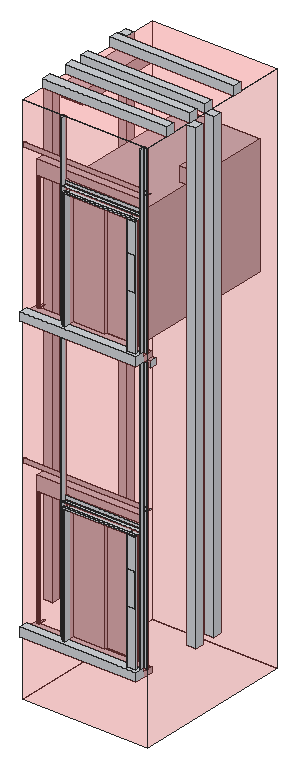
Revit family "TSF750", category 一般モデル, Revit 2018
Family settings
  鉄筋をホスト可能 = いいえ
  丸型コネクタ寸法 = 直径を使用
  パーツ タイプ = 標準
  作業面ベース = いいえ
  常に垂直 = はい
  ロード時にボイドで切り取り = いいえ
  共有 = いいえ
  部屋計算ポイント = いいえ
Parameters
  昇降行程 = 5000 mm
Reference planes
  plane 1 "レール芯": y = 0
  plane 2 "最下階FL": z = 0
  plane 3 "かご芯": x = 0
  plane 4: z = 5000
  plane 5 "ピット底面": z = -1250
  plane 6: z = 8250
  plane 7: z = 2500
Forms (mm)
  Extrusion 1, solid
    sketch origin (-115, 140, 0) x (1, 0, 0) y (0, 1, 0)
      loop
        line (-1170, 1580) -> (-1170, -1290) -> (1030, -1290) -> (1030, 1580) -> (-1170, 1580)
    from -1250 to 8250
  Extrusion 2, solid
    sketch origin (-188.849, -187.656, 5000) x (1, 0, 0) y (0, 1, 0)
      loop
        line (-491.151, 1812.656) -> (-491.151, -722.344) -> (868.849, -722.344) -> (868.849, 1812.656) -> (-491.151, 1812.656)
    from 0 to 2100
  Extrusion 3, solid
    sketch origin (0.884, -1, 0) x (1, 0, 0) y (0, 1, 0)
      loop
        line (-1050.884, 890.997) -> (-1050.884, 260.997) -> (-753.884, 260.997) -> (-753.884, 890.997) -> (-1050.884, 890.997)
    from -1250 to -272.5
  Extrusion 4, solid
    sketch origin (-180.164, -13.256, 0) x (1, 0, 0) y (0, 1, 0)
      loop
        line (1095.164, 288.256) -> (1095.164, 138.256) -> (1245.164, 138.256) -> (1245.164, 288.256) -> (1095.164, 288.256)
    from 0 to 8250
  Extrusion 5, solid
    sketch origin (-180.164, -413.256, 0) x (1, 0, 0) y (0, 1, 0)
      loop
        line (1095.164, 288.256) -> (1095.164, 138.256) -> (1245.164, 138.256) -> (1245.164, 288.256) -> (1095.164, 288.256)
    from 0 to 8250
  Extrusion 6, solid
    sketch origin (593.997, 818.69, 0) x (1, 0, 0) y (0, 1, 0)
      loop
        line (-2028.997, 481.31) -> (-2028.997, 331.31) -> (-1878.997, 331.31) -> (-1878.997, 481.31) -> (-2028.997, 481.31)
    from 0 to 8250
  Extrusion 7, solid
    sketch origin (593.997, -831.31, 0) x (1, 0, 0) y (0, 1, 0)
      loop
        line (-2028.997, 481.31) -> (-2028.997, 331.31) -> (-1878.997, 331.31) -> (-1878.997, 481.31) -> (-2028.997, 481.31)
    from 0 to 8250
  Extrusion 8, solid
    sketch origin (846.148, -529, 7950) x (1, 0, 0) y (0, 1, 0)
      loop
        line (-2111.148, 1758) -> (-2111.148, 200) -> (-1738.648, 200) -> (-1738.648, 1758) -> (-2111.148, 1758)
    from 0 to 200
  Extrusion 9, solid
    sketch origin (-694.764, 1375.017, 7235) x (1, 0, 0) y (0, 1, 0)
      loop
        line (1413.764, -985.017) -> (1413.764, -1575.017) -> (1593.764, -1575.017) -> (1593.764, -985.017) -> (1413.764, -985.017)
    from 0 to 250
  Extrusion 10, solid
    sketch origin (0, -154.792, -183.066) x (0, 1, 0) y (0, 0, 1)
      loop
        line (279.792, 8583.066) -> (279.792, 8433.066) -> (429.792, 8433.066) -> (429.792, 8583.066) -> (279.792, 8583.066)
    from -1285 to 915
  Extrusion 11, solid
    sketch origin (0, -494.792, -183.066) x (0, 1, 0) y (0, 0, 1)
      loop
        line (279.792, 8583.066) -> (279.792, 8433.066) -> (429.792, 8433.066) -> (429.792, 8583.066) -> (279.792, 8583.066)
    from -1285 to 915
  Extrusion 12, solid
    sketch origin (0, -994.792, -183.066) x (0, 1, 0) y (0, 0, 1)
      loop
        line (279.792, 8583.066) -> (279.792, 8433.066) -> (429.792, 8433.066) -> (429.792, 8583.066) -> (279.792, 8583.066)
    from -1285 to 915
  Extrusion 13, solid
    sketch origin (0, 485.208, -183.066) x (0, 1, 0) y (0, 0, 1)
      loop
        line (279.792, 8583.066) -> (279.792, 8433.066) -> (429.792, 8433.066) -> (429.792, 8583.066) -> (279.792, 8583.066)
    from -1285 to 915
  Extrusion 14, solid
    sketch origin (0, -292.235, 116.596) x (0, 1, 0) y (0, 0, 1)
      loop
        line (-777.765, 4733.404) -> (-777.765, 4633.404) -> (-677.765, 4633.404) -> (-677.765, 4733.404) -> (-777.765, 4733.404)
    from -1285 to 915
  Extrusion 15, solid
    sketch origin (122.648, 27.585, 0) x (-1, 0, 0) y (0, -1, 0)
      loop
        line (-717.352, 1171.585) -> (-717.352, 1246.585) -> (-719.352, 1246.585)
        arc (-719.352, 1246.585) -> (-722.181, 1245.414) -> (-723.352, 1242.585) r 4
        line (-723.352, 1242.585) -> (-723.352, 1186.085)
        arc (-723.352, 1186.085) -> (-725.842, 1180.075) -> (-731.852, 1177.585) r 8.5
        line (-731.852, 1177.585) -> (-788.352, 1177.585)
        arc (-788.352, 1177.585) -> (-791.181, 1176.414) -> (-792.352, 1173.585) r 4
        line (-792.352, 1173.585) -> (-792.352, 1171.585) -> (-717.352, 1171.585)
    from 0 to 4850
  Extrusion 16, solid
    sketch origin (177.352, 27.585, 0) x (1, 0, 0) y (0, 1, 0)
      loop
        line (-717.352, -1171.585) -> (-792.352, -1171.585) -> (-792.352, -1173.585)
        arc (-792.352, -1173.585) -> (-791.181, -1176.414) -> (-788.352, -1177.585) r 4
        line (-788.352, -1177.585) -> (-731.852, -1177.585)
        arc (-731.852, -1177.585) -> (-725.842, -1180.075) -> (-723.352, -1186.085) r 8.5
        line (-723.352, -1186.085) -> (-723.352, -1242.585)
        arc (-723.352, -1242.585) -> (-722.181, -1245.414) -> (-719.352, -1246.585) r 4
        line (-719.352, -1246.585) -> (-717.352, -1246.585) -> (-717.352, -1171.585)
    from 0 to 4850
  Extrusion 17, solid
    sketch origin (122.648, 27.585, 5000) x (-1, 0, 0) y (0, -1, 0)
      loop
        line (-717.352, 1171.585) -> (-717.352, 1246.585) -> (-719.352, 1246.585)
        arc (-719.352, 1246.585) -> (-722.181, 1245.414) -> (-723.352, 1242.585) r 4
        line (-723.352, 1242.585) -> (-723.352, 1186.085)
        arc (-723.352, 1186.085) -> (-725.842, 1180.075) -> (-731.852, 1177.585) r 8.5
        line (-731.852, 1177.585) -> (-788.352, 1177.585)
        arc (-788.352, 1177.585) -> (-791.181, 1176.414) -> (-792.352, 1173.585) r 4
        line (-792.352, 1173.585) -> (-792.352, 1171.585) -> (-717.352, 1171.585)
    from 0 to 3250
  Extrusion 18, solid
    sketch origin (177.352, 27.585, 5000) x (1, 0, 0) y (0, 1, 0)
      loop
        line (-717.352, -1171.585) -> (-792.352, -1171.585) -> (-792.352, -1173.585)
        arc (-792.352, -1173.585) -> (-791.181, -1176.414) -> (-788.352, -1177.585) r 4
        line (-788.352, -1177.585) -> (-731.852, -1177.585)
        arc (-731.852, -1177.585) -> (-725.842, -1180.075) -> (-723.352, -1186.085) r 8.5
        line (-723.352, -1186.085) -> (-723.352, -1242.585)
        arc (-723.352, -1242.585) -> (-722.181, -1245.414) -> (-719.352, -1246.585) r 4
        line (-719.352, -1246.585) -> (-717.352, -1246.585) -> (-717.352, -1171.585)
    from 0 to 3250
  Extrusion 19, solid
    sketch origin (0, -3316.272, 935.614) x (0, 0, -1) y (0, 1, 0)
      loop
        line (-1244.386, 2172.272) -> (-1319.386, 2172.272) -> (-1319.386, 2170.272)
        arc (-1319.386, 2170.272) -> (-1318.214, 2167.444) -> (-1315.386, 2166.272) r 4
        line (-1315.386, 2166.272) -> (-1258.886, 2166.272)
        arc (-1258.886, 2166.272) -> (-1252.875, 2163.782) -> (-1250.386, 2157.772) r 8.5
        line (-1250.386, 2157.772) -> (-1250.386, 2101.272)
        arc (-1250.386, 2101.272) -> (-1249.214, 2098.444) -> (-1246.386, 2097.272) r 4
        line (-1246.386, 2097.272) -> (-1244.386, 2097.272) -> (-1244.386, 2172.272)
    from -540 to 840
  Extrusion 20, solid
    sketch origin (0, -3316.272, 5935.614) x (0, 0, -1) y (0, 1, 0)
      loop
        line (-1244.386, 2172.272) -> (-1319.386, 2172.272) -> (-1319.386, 2170.272)
        arc (-1319.386, 2170.272) -> (-1318.214, 2167.444) -> (-1315.386, 2166.272) r 4
        line (-1315.386, 2166.272) -> (-1258.886, 2166.272)
        arc (-1258.886, 2166.272) -> (-1252.875, 2163.782) -> (-1250.386, 2157.772) r 8.5
        line (-1250.386, 2157.772) -> (-1250.386, 2101.272)
        arc (-1250.386, 2101.272) -> (-1249.214, 2098.444) -> (-1246.386, 2097.272) r 4
        line (-1246.386, 2097.272) -> (-1244.386, 2097.272) -> (-1244.386, 2172.272)
    from -540 to 840
  Extrusion 21, solid
    sketch origin (0, 1028.272, 6255.614) x (0, 0, -1) y (0, 1, 0)
      loop
        line (-1244.386, -2172.272) -> (-1244.386, -2097.272) -> (-1246.386, -2097.272)
        arc (-1246.386, -2097.272) -> (-1249.214, -2098.444) -> (-1250.386, -2101.272) r 4
        line (-1250.386, -2101.272) -> (-1250.386, -2157.772)
        arc (-1250.386, -2157.772) -> (-1252.875, -2163.782) -> (-1258.886, -2166.272) r 8.5
        line (-1258.886, -2166.272) -> (-1315.386, -2166.272)
        arc (-1315.386, -2166.272) -> (-1318.214, -2167.444) -> (-1319.386, -2170.272) r 4
        line (-1319.386, -2170.272) -> (-1319.386, -2172.272) -> (-1244.386, -2172.272)
    from -1285 to 915
  Extrusion 22, solid
    sketch origin (0, 1028.272, 1255.614) x (0, 0, -1) y (0, 1, 0)
      loop
        line (-1244.386, -2172.272) -> (-1244.386, -2097.272) -> (-1246.386, -2097.272)
        arc (-1246.386, -2097.272) -> (-1249.214, -2098.444) -> (-1250.386, -2101.272) r 4
        line (-1250.386, -2101.272) -> (-1250.386, -2157.772)
        arc (-1250.386, -2157.772) -> (-1252.875, -2163.782) -> (-1258.886, -2166.272) r 8.5
        line (-1258.886, -2166.272) -> (-1315.386, -2166.272)
        arc (-1315.386, -2166.272) -> (-1318.214, -2167.444) -> (-1319.386, -2170.272) r 4
        line (-1319.386, -2170.272) -> (-1319.386, -2172.272) -> (-1244.386, -2172.272)
    from -1285 to 915
Dimensions and locks
  "昇降行程": plane 4 to plane 2 "最下階FL"
  locked: plane 6 to plane 4 at 3250
  locked: Extrusion 2 to plane 4 at 2100
  locked: plane 6 to Extrusion 8 at 100
  locked: Extrusion 8 to Extrusion 8 at 200
  locked: plane 4 to Extrusion 20 at 2180
  locked: Extrusion 20 to Extrusion 21 at 320
  locked: Extrusion 2 to Extrusion 9 at 135
  locked: Extrusion 9 to Extrusion 9 at 250
  locked: plane 2 "最下階FL" to Extrusion 19 at 2180
  locked: plane 4 to Extrusion 15 at 150
  aligned and locked: level to plane 2 "最下階FL"
  aligned and locked: Extrusion 1 to plane 5 "ピット底面"
  aligned and locked: Extrusion 2 to plane 4
  aligned and locked: Extrusion 1 to Extrusion 3
  aligned and locked: Extrusion 5 to plane 2 "最下階FL"
  aligned and locked: Extrusion 4 to plane 2 "最下階FL"
  aligned and locked: Extrusion 1 to Extrusion 5
  aligned and locked: Extrusion 1 to Extrusion 4
  aligned and locked: Extrusion 6 to Extrusion 1
  aligned and locked: Extrusion 7 to Extrusion 1
  aligned and locked: Extrusion 4 to Extrusion 1
  aligned and locked: Extrusion 5 to Extrusion 1
  aligned and locked: Extrusion 6 to plane 2 "最下階FL"
  aligned and locked: Extrusion 7 to plane 2 "最下階FL"
  aligned and locked: Extrusion 1 to Extrusion 6
  aligned and locked: Extrusion 1 to Extrusion 7
  aligned and locked: plane 2 "最下階FL" to nested 1
  aligned and locked: plane 4 to nested 2
  aligned and locked: nested 1 to nested 2
  aligned and locked: Extrusion 10 to Extrusion 1
  aligned and locked: Extrusion 1 to Extrusion 10  (x2)
  aligned and locked: Extrusion 1 to Extrusion 12  (x2)
  aligned and locked: Extrusion 1 to Extrusion 13  (x2)
  aligned and locked: Extrusion 12 to Extrusion 1
  aligned and locked: Extrusion 11 to Extrusion 1
  aligned and locked: Extrusion 13 to Extrusion 1
  aligned and locked: Extrusion 1 to Extrusion 14  (x2)
  aligned and locked: Extrusion 1 to Extrusion 15
  aligned and locked: Extrusion 1 to Extrusion 11  (x2)
  aligned and locked: Extrusion 17 to Extrusion 18
  aligned and locked: Extrusion 18 to plane 4
  aligned and locked: Extrusion 17 to plane 4
  aligned and locked: plane 6 to Extrusion 1
  aligned and locked: plane 6 to Extrusion 17
  aligned and locked: plane 6 to Extrusion 18
  aligned and locked: Extrusion 16 to Extrusion 15
Automatic sketch dimensions
  Extrusion 1 sketch curve to plane 3 "かご芯" = 1285 mm
  plane 3 "かご芯" to Extrusion 1 sketch curve = 915 mm
  plane 1 "レール芯" to Extrusion 1 sketch curve = 1150 mm
  Extrusion 1 sketch curve to plane 1 "レール芯" = 1720 mm
  Extrusion 2 sketch curve to plane 3 "かご芯" = 680 mm
  plane 3 "かご芯" to Extrusion 2 sketch curve = 680 mm
  plane 1 "レール芯" to Extrusion 2 sketch curve = 910 mm
  Extrusion 2 sketch curve to plane 1 "レール芯" = 1625 mm
  Extrusion 3 sketch curve to plane 1 "レール芯" = 259.997 mm
  Extrusion 3 sketch curve to plane 3 "かご芯" = 1050 mm
  Extrusion 3 sketch curve to Extrusion 3 sketch curve = 297 mm
  Extrusion 3 sketch curve to Extrusion 3 sketch curve = 630 mm
  Extrusion 4 sketch curve to plane 1 "レール芯" = 125 mm
  plane 3 "かご芯" to Extrusion 4 sketch curve = 915 mm
  Extrusion 4 sketch curve to Extrusion 4 sketch curve = 150 mm  (x2)
  plane 1 "レール芯" to Extrusion 5 sketch curve = 275 mm
  plane 3 "かご芯" to Extrusion 5 sketch curve = 915 mm
  Extrusion 5 sketch curve to Extrusion 5 sketch curve = 150 mm
  plane 1 "レール芯" to Extrusion 5 sketch curve = 125 mm
  Extrusion 6 sketch curve to plane 3 "かご芯" = 1435 mm
  Extrusion 6 sketch curve to Extrusion 6 sketch curve = 150 mm  (x2)
  Extrusion 6 sketch curve to plane 1 "レール芯" = 1150 mm
  plane 1 "レール芯" to Extrusion 7 sketch curve = 500 mm
  Extrusion 7 sketch curve to plane 3 "かご芯" = 1435 mm
  Extrusion 7 sketch curve to Extrusion 7 sketch curve = 150 mm  (x2)
  plane 1 "レール芯" to Extrusion 8 sketch curve = 329 mm
  Extrusion 8 sketch curve to plane 3 "かご芯" = 1265 mm
  Extrusion 8 sketch curve to Extrusion 8 sketch curve = 372.5 mm
  Extrusion 8 sketch curve to plane 1 "レール芯" = 1229 mm
  plane 1 "レール芯" to Extrusion 9 sketch curve = 200 mm
  plane 3 "かご芯" to Extrusion 9 sketch curve = 719 mm
  Extrusion 9 sketch curve to Extrusion 9 sketch curve = 180 mm
  Extrusion 9 sketch curve to plane 1 "レール芯" = 390 mm
  Extrusion 10 sketch curve to plane 6 = 0 mm
  Extrusion 10 sketch curve to plane 1 "レール芯" = 125 mm
  Extrusion 10 sketch curve to Extrusion 10 sketch curve = 150 mm  (x2)
  Extrusion 11 sketch curve to plane 6 = 0 mm
  plane 1 "レール芯" to Extrusion 11 sketch curve = 215 mm
  plane 1 "レール芯" to Extrusion 11 sketch curve = 65 mm
  Extrusion 11 sketch curve to Extrusion 11 sketch curve = 150 mm
  Extrusion 12 sketch curve to plane 6 = 0 mm
  plane 1 "レール芯" to Extrusion 12 sketch curve = 715 mm
  Extrusion 12 sketch curve to Extrusion 12 sketch curve = 150 mm  (x2)
  Extrusion 13 sketch curve to plane 6 = 0 mm
  Extrusion 13 sketch curve to plane 1 "レール芯" = 765 mm
  Extrusion 13 sketch curve to Extrusion 13 sketch curve = 150 mm  (x2)
  Extrusion 14 sketch curve to plane 4 = 250 mm
  plane 1 "レール芯" to Extrusion 14 sketch curve = 1070 mm
  Extrusion 14 sketch curve to Extrusion 14 sketch curve = 100 mm  (x2)
  Extrusion 15 sketch curve to plane 3 "かご芯" = 915 mm
  Extrusion 15 sketch curve to Extrusion 15 sketch curve = 4 mm  (x2)
  Extrusion 15 sketch curve to Extrusion 15 sketch curve = 56.5 mm  (x2)
  Extrusion 15 sketch curve to Extrusion 15 sketch curve = 8.5 mm
  Extrusion 15 sketch curve to Extrusion 15 sketch curve = 2 mm
  Extrusion 15 sketch curve to plane 1 "レール芯" = 1219 mm
  Extrusion 15 sketch curve to Extrusion 15 sketch curve = 6 mm
  Extrusion 16 sketch curve to plane 3 "かご芯" = 615 mm
  Extrusion 16 sketch curve to Extrusion 16 sketch curve = 4 mm  (x2)
  Extrusion 16 sketch curve to Extrusion 16 sketch curve = 56.5 mm  (x2)
  Extrusion 16 sketch curve to Extrusion 16 sketch curve = 8.5 mm
  Extrusion 16 sketch curve to Extrusion 16 sketch curve = 2 mm
  plane 1 "レール芯" to Extrusion 16 sketch curve = 1219 mm
  Extrusion 16 sketch curve to Extrusion 16 sketch curve = 6 mm
  Extrusion 17 sketch curve to plane 3 "かご芯" = 915 mm
  Extrusion 17 sketch curve to Extrusion 17 sketch curve = 4 mm  (x2)
  Extrusion 17 sketch curve to Extrusion 17 sketch curve = 56.5 mm  (x2)
  Extrusion 17 sketch curve to Extrusion 17 sketch curve = 8.5 mm
  Extrusion 17 sketch curve to Extrusion 17 sketch curve = 2 mm
  Extrusion 17 sketch curve to plane 1 "レール芯" = 1219 mm
  Extrusion 17 sketch curve to Extrusion 17 sketch curve = 6 mm
  Extrusion 18 sketch curve to plane 3 "かご芯" = 615 mm
  Extrusion 18 sketch curve to Extrusion 18 sketch curve = 4 mm  (x2)
  Extrusion 18 sketch curve to Extrusion 18 sketch curve = 56.5 mm  (x2)
  Extrusion 18 sketch curve to Extrusion 18 sketch curve = 8.5 mm
  Extrusion 18 sketch curve to Extrusion 18 sketch curve = 2 mm
  plane 1 "レール芯" to Extrusion 18 sketch curve = 1219 mm
  Extrusion 18 sketch curve to Extrusion 18 sketch curve = 6 mm
  plane 7 to Extrusion 19 sketch curve = 245 mm
  Extrusion 19 sketch curve to Extrusion 19 sketch curve = 4 mm  (x2)
  Extrusion 19 sketch curve to Extrusion 19 sketch curve = 56.5 mm  (x2)
  Extrusion 19 sketch curve to Extrusion 19 sketch curve = 8.5 mm
  Extrusion 19 sketch curve to Extrusion 19 sketch curve = 2 mm
  plane 1 "レール芯" to Extrusion 19 sketch curve = 1219 mm
  Extrusion 19 sketch curve to Extrusion 19 sketch curve = 6 mm
  Extrusion 20 sketch curve to plane 6 = 995 mm
  Extrusion 20 sketch curve to Extrusion 20 sketch curve = 4 mm  (x2)
  Extrusion 20 sketch curve to Extrusion 20 sketch curve = 56.5 mm  (x2)
  Extrusion 20 sketch curve to Extrusion 20 sketch curve = 8.5 mm
  Extrusion 20 sketch curve to Extrusion 20 sketch curve = 2 mm
  plane 1 "レール芯" to Extrusion 20 sketch curve = 1219 mm
  Extrusion 20 sketch curve to Extrusion 20 sketch curve = 14.5 mm
  plane 6 to Extrusion 21 sketch curve = 675 mm
  Extrusion 21 sketch curve to Extrusion 21 sketch curve = 4 mm  (x2)
  Extrusion 21 sketch curve to Extrusion 21 sketch curve = 56.5 mm  (x2)
  Extrusion 21 sketch curve to Extrusion 21 sketch curve = 8.5 mm
  Extrusion 21 sketch curve to Extrusion 21 sketch curve = 2 mm
  Extrusion 21 sketch curve to plane 1 "レール芯" = 1069 mm
  Extrusion 21 sketch curve to Extrusion 21 sketch curve = 6 mm
  plane 7 to Extrusion 22 sketch curve = 75 mm
  Extrusion 22 sketch curve to Extrusion 22 sketch curve = 4 mm  (x2)
  Extrusion 22 sketch curve to Extrusion 22 sketch curve = 56.5 mm  (x2)
  Extrusion 22 sketch curve to Extrusion 22 sketch curve = 8.5 mm
  Extrusion 22 sketch curve to Extrusion 22 sketch curve = 2 mm
  Extrusion 22 sketch curve to plane 1 "レール芯" = 1069 mm
  Extrusion 22 sketch curve to Extrusion 22 sketch curve = 6 mm
Nested families
  nested 1: "2S" at (-50, -940, 0), type "2S(詳細レベル)"
  nested 2: "2S" at (-50, -940, 5000), type "2S(詳細レベル)"
Definition of nested family "2S"
  Parameters (values of type "2S(詳細レベル)")
    戸袋 = 635 mm
    出入口高さ = 2100 mm
    出入口幅 = 1100 mm
  Types (2, lengths in mm): name | 戸袋 | 出入口幅
    2S(詳細レベル) | 635 | 1100
    2S 背面(詳細レベル) | 785 | 1700
  Reference planes
    plane 1 "敷居先端": y = 0
    plane 2 "FL": z = 0
    plane 3: x = 140
    plane 4 "出入口中心": x = 140
    plane 5 "出入口高さ": z = 2100
    plane 6: z = 2320
    plane 7: y = -145.5
    plane 8 "出入口幅右": x = 690
    plane 9 "出入口幅左": x = -410
    plane 10 "戸袋": x = -1045
    plane 11: x = 810
    plane 12: y = -76.6
    plane 13: z = 2173
    plane 14: z = -60
    plane 15: z = -150
    plane 16: x = 710
    plane 17: x = -490
    plane 18: x = 890
  Forms (mm)
    Extrusion 1, solid
      sketch origin (140, 0, 0) x (0, 1, 0) y (0, 0, 1)
        loop
          line (-102, 2116) -> (-134, 2116) -> (-134, 6) -> (-102, 6) -> (-102, 2116)
      from -570 to 15
    Extrusion 2, solid
      sketch origin (705, 38, 0) x (0, 1, 0) y (0, 0, 1)
        loop
          line (-102, 2116) -> (-134, 2116) -> (-134, 6) -> (-102, 6) -> (-102, 2116)
      from -580 to 5
    Extrusion 3, solid
      sketch origin (140, 0, -16) x (0, 1, 0) y (0, 0, 1)
        loop
          line (-145.5, 2366) -> (-145.5, 2116) -> (0, 2116) -> (0, 2366) -> (-145.5, 2366)
      from -1185 to 670
    Extrusion 4, solid
      sketch origin (0, 0, 130) x (1, 0, 0) y (0, 1, 0)
        loop
          circle (810, -76.6) r 35
      from 0 to 1800
    Extrusion 5, solid
      sketch origin (0, 0, 0) x (1, 0, 0) y (0, 1, 0)
        loop
          line (-440, -140) -> (-440, -141.6) -> (-411.6, -141.6) -> (-411.6, -318.4) -> (-438.4, -318.4) -> (-438.4, -290) -> (-440, -290) -> (-440, -320) -> (-410, -320) -> (-410, -140) -> (-440, -140)
      from 0 to 2100
    Extrusion 6, solid
      sketch origin (0, 0, 0) x (1, 0, 0) y (0, 1, 0)
        loop
          line (770, -30) -> (770, 0) -> (720, 0) -> (720, -102) -> (690, -102) -> (690, -320) -> (840, -320) -> (840, -290) -> (838.4, -290) -> (838.4, -318.4) -> (691.6, -318.4) -> (691.6, -103.6) -> (721.6, -103.6) -> (721.6, -1.6) -> (768.4, -1.6) -> (768.4, -30) -> (770, -30)
      from 0 to 2100
    Extrusion 7, solid
      sketch origin (140, 0, 0) x (0, 1, 0) y (0, 0, 1)
        loop
          line (-295, 2130) -> (-325, 2130) -> (-325, 2100) -> (-140, 2100) -> (-140, 2101.6) -> (-323.4, 2101.6) -> (-323.4, 2128.4) -> (-295, 2128.4) -> (-295, 2130)
      from -580 to 700
    Extrusion 8, solid
      sketch origin (140, 0, 1400) x (0, 1, 0) y (0, 0, 1)
        loop
          line (-64, -1394) -> (-0.972, -1394) -> (-0.972, 586) -> (-64, 586) -> (-64, -1394)
      from 545 to 570
    Extrusion 9, solid
      sketch origin (0, 0, 0) x (1, 0, 0) y (0, 1, 0)
        loop
          arc (-1032.5, -132.5) -> (-1037.096, -130.596) -> (-1039, -126) r 6.5
          line (-1039, -126) -> (-1039, -93)
          arc (-1039, -93) -> (-1040.318, -89.818) -> (-1043.5, -88.5) r 4.5
          line (-1043.5, -88.5) -> (-1045, -88.5) -> (-1045, -138.5) -> (-995, -138.5) -> (-995, -137)
          arc (-995, -137) -> (-996.318, -133.818) -> (-999.5, -132.5) r 4.5
          line (-999.5, -132.5) -> (-1032.5, -132.5)
      from 3 to 2100
    Extrusion 10, solid
      sketch origin (-1.904, 52.096, 0) x (1, 0, 0) y (0, 1, 0)
        loop
          line (-1037.096, -190.596) -> (-999.096, -190.596) -> (-999.096, -65.596) -> (-1037.096, -65.596) -> (-1037.096, -190.596)
      from 0 to 3
    Extrusion 11, solid
      sketch origin (140, 6.458, 0) x (0, 1, 0) y (0, 0, 1)
        loop
          line (-386.458, 0) -> (-386.458, -150) -> (-36.458, -150) -> (-36.458, 0) -> (-386.458, 0)
      from -1287.782 to 758.966
    Extrusion 12, void
      sketch origin (0, 0, 0) x (0, 1, 0) y (0, 0, 1)
        loop
          line (-230, 0) -> (-230, -60) -> (-30, -60) -> (-30, 0) -> (-230, 0)
      from -1147.782 to 898.966
    Extrusion 13, solid, detail levels coarse+medium
      sketch origin (0, 0, -20.5) x (1, 0, 0) y (0, 1, 0)
        loop
          line (-1045, 0) -> (-1045, -150) -> (710, -150) -> (710, 0) -> (-1045, 0)
      from 0 to 20.5
    Extrusion 14, solid
      sketch origin (10, 17, 962.5) x (1, 0, 0) y (0, 1, 0)
        loop
          line (690, -337) -> (690, -340) -> (820, -340) -> (820, -337) -> (690, -337)
      from 0 to 590
  Cuts and joins
    Extrusion 12 cuts Extrusion 11
  Lines and regions (mm)
    symbolic lines
      curve 1: line (140, -320, 2100) -> (140, -320, 0)
      curve 2: line (140, 0, 0) -> (140, -180, 0)
      curve 3: line (140, -140, 2100) -> (140, -140, 0)
      curve 4: line (-440, -320, 0) -> (-440, -290, 0)
      curve 5: line (-410, -320, 0) -> (-440, -320, 0)
      curve 6: line (-410, -140, 0) -> (-410, -320, 0)
      curve 7: line (-440, -140, 0) -> (-410, -140, 0)
      curve 14: line (770, 0, 0) -> (770, -30, 0)
      curve 15: line (720, 0, 0) -> (770, 0, 0)
      curve 16: line (720, -102, 0) -> (720, 0, 0)
      curve 17: line (690, -102, 0) -> (720, -102, 0)
      curve 18: line (690, -320, 0) -> (690, -102, 0)
      curve 19: line (840, -320, 0) -> (690, -320, 0)
      curve 20: line (840, -290, 0) -> (840, -320, 0)
      curve 29: line (140, -295, 2130) -> (140, -325, 2130)
      curve 30: line (140, -325, 2130) -> (140, -325, 2100)
      curve 31: line (140, -325, 2100) -> (140, -140, 2100)
      curve 37: line (140, -320, 0) -> (140, -140, 0)
    symbolic lines, detail levels coarse+fine
      curve 8: line (-438.4, -290, 0) -> (-440, -290, 0)
      curve 9: line (-438.4, -318.4, 0) -> (-438.4, -290, 0)
      curve 10: line (-411.6, -318.4, 0) -> (-438.4, -318.4, 0)
      curve 11: line (-411.6, -141.6, 0) -> (-411.6, -318.4, 0)
      curve 12: line (-440, -141.6, 0) -> (-411.6, -141.6, 0)
      curve 13: line (-440, -140, 0) -> (-440, -141.6, 0)
      curve 21: line (768.4, -30, 0) -> (770, -30, 0)
      curve 22: line (768.4, -1.6, 0) -> (768.4, -30, 0)
      curve 23: line (721.6, -1.6, 0) -> (768.4, -1.6, 0)
      curve 24: line (721.6, -103.6, 0) -> (721.6, -1.6, 0)
      curve 25: line (691.6, -318.4, 0) -> (691.6, -103.6, 0)
      curve 26: line (838.4, -318.4, 0) -> (691.6, -318.4, 0)
      curve 27: line (838.4, -290, 0) -> (838.4, -318.4, 0)
      curve 28: line (840, -290, 0) -> (838.4, -290, 0)
      curve 32: line (140, -295, 2130) -> (140, -295, 2128.4)
      curve 33: line (140, -295, 2128.4) -> (140, -323.4, 2128.4)
      curve 34: line (140, -323.4, 2128.4) -> (140, -323.4, 2101.6)
      curve 35: line (140, -323.4, 2101.6) -> (140, -140, 2101.6)
      curve 36: line (140, -140, 2101.6) -> (140, -140, 2100)
      curve 38: line (691.6, -103.6, 0) -> (721.6, -103.6, 0)
  Dimensions and locks
    "出入口高さ": plane 5 "出入口高さ" to level
    "出入口幅": plane 8 "出入口幅右" to plane 9 "出入口幅左"
    level to plane 14 = 60 mm
    equal spacing: plane 8 "出入口幅右", plane 4 "出入口中心", plane 9 "出入口幅左"
    locked: plane 8 "出入口幅右" to Extrusion 6 at 150
    "戸袋": plane 10 "戸袋" to plane 9 "出入口幅左"
    locked: plane 11 to plane 8 "出入口幅右" at 120
    locked: plane 8 "出入口幅右" to plane 16 at 20
    locked: Extrusion 1 to plane 9 "出入口幅左" at 20
    locked: cut or joined group of Extrusion 11, Extrusion 12 to plane 10 "戸袋" at 102.782
    locked: plane 8 "出入口幅右" to cut or joined group of Extrusion 11, Extrusion 12 at 208.966
    locked: Extrusion 7 to plane 9 "出入口幅左" at 30
    locked: Extrusion 3 to plane 5 "出入口高さ" at 250
    locked: Extrusion 8 to Extrusion 8 at 25
    locked: plane 17 to plane 9 "出入口幅左" at 80
    locked: plane 8 "出入口幅右" to plane 18 at 200
    aligned and locked: level to plane 2 "FL"
    aligned and locked: Extrusion 7 to plane 5 "出入口高さ"
    aligned and locked: plane 5 "出入口高さ" to Extrusion 6
    aligned and locked: Extrusion 3 to plane 5 "出入口高さ"  (x2)
    aligned and locked: plane 5 "出入口高さ" to Extrusion 5
    aligned and locked: plane 5 "出入口高さ" to Extrusion 9
    aligned and locked: Extrusion 3 to plane 10 "戸袋"
    aligned and locked: Extrusion 6 to Extrusion 7
    aligned and locked: plane 11 to Extrusion 3
    aligned and locked: Extrusion 8 to plane 16
    aligned and locked: Extrusion 2 to plane 16
    aligned and locked: cut or joined group of Extrusion 11, Extrusion 12 to cut or joined group of Extrusion 11, Extrusion 12
    aligned and locked: Extrusion 12 to Extrusion 11
    aligned and locked: Extrusion 11 to Extrusion 12
  Automatic sketch dimensions
    plane 12 to Extrusion 8 sketch curve = 12.6 mm
    plane 1 "敷居先端" to Extrusion 8 sketch curve = 0.972 mm
    level to Extrusion 8 sketch curve = 6 mm
    Extrusion 8 sketch curve to Extrusion 8 sketch curve = 1980 mm
    Extrusion 12 sketch curve to plane 14 = 0 mm
    Extrusion 12 sketch curve to level = 0 mm
    level to Extrusion 1 sketch curve = 6 mm
    Extrusion 1 sketch curve to plane 12 = 25.4 mm
    plane 5 "出入口高さ" to Extrusion 1 sketch curve = 16 mm
    Extrusion 2 sketch curve to plane 12 = 19.4 mm
    level to Extrusion 2 sketch curve = 6 mm
    plane 12 to Extrusion 2 sketch curve = 12.6 mm
    plane 5 "出入口高さ" to Extrusion 2 sketch curve = 16 mm
    Extrusion 3 sketch curve to plane 5 "出入口高さ" = 0 mm
    Extrusion 3 sketch curve to plane 7 = 0 mm
    Extrusion 3 sketch curve to plane 1 "敷居先端" = 0 mm
    plane 6 to Extrusion 3 sketch curve = 30 mm
    Extrusion 4 sketch curve to plane 11 = 0 mm
    Extrusion 4 sketch curve to plane 12 = 0 mm
    Extrusion 5 sketch curve to plane 9 "出入口幅左" = 0 mm
    Extrusion 5 sketch curve to plane 9 "出入口幅左" = 1.6 mm
    Extrusion 5 sketch curve to Extrusion 5 sketch curve = 26.8 mm
    Extrusion 5 sketch curve to Extrusion 5 sketch curve = 1.6 mm  (x3)
    Extrusion 5 sketch curve to Extrusion 5 sketch curve = 28.4 mm  (x2)
    Extrusion 6 sketch curve to plane 8 "出入口幅右" = 0 mm
    plane 1 "敷居先端" to Extrusion 6 sketch curve = 0 mm
    plane 8 "出入口幅右" to Extrusion 6 sketch curve = 1.6 mm
    Extrusion 6 sketch curve to plane 16 = 10 mm
    Extrusion 6 sketch curve to Extrusion 6 sketch curve = 1.6 mm  (x5)
    plane 1 "敷居先端" to Extrusion 6 sketch curve = 1.6 mm
    Extrusion 6 sketch curve to plane 11 = 41.6 mm
    plane 11 to Extrusion 6 sketch curve = 28.4 mm
    Extrusion 6 sketch curve to plane 12 = 27 mm
    Extrusion 7 sketch curve to plane 5 "出入口高さ" = 0 mm
    Extrusion 7 sketch curve to Extrusion 7 sketch curve = 1.6 mm  (x3)
    Extrusion 7 sketch curve to Extrusion 7 sketch curve = 26.8 mm
    Extrusion 9 sketch curve to plane 10 "戸袋" = 0 mm
    plane 10 "戸袋" to Extrusion 9 sketch curve = 1.5 mm
    plane 10 "戸袋" to Extrusion 9 sketch curve = 6 mm
    Extrusion 9 sketch curve to Extrusion 9 sketch curve = 6.5 mm
    Extrusion 9 sketch curve to Extrusion 9 sketch curve = 33 mm
    Extrusion 9 sketch curve to plane 12 = 16.4 mm
    plane 10 "戸袋" to Extrusion 10 sketch curve = 6 mm
    plane 1 "敷居先端" to Extrusion 10 sketch curve = 13.5 mm
    Extrusion 10 sketch curve to Extrusion 10 sketch curve = 38 mm
    Extrusion 11 sketch curve to plane 15 = 0 mm
    Extrusion 11 sketch curve to level = 0 mm
    Extrusion 13 sketch curve to plane 10 "戸袋" = 0 mm
    Extrusion 13 sketch curve to plane 16 = 0 mm
    plane 1 "敷居先端" to Extrusion 13 sketch curve = 0 mm
    Extrusion 13 sketch curve to plane 7 = 4.5 mm
    plane 8 "出入口幅右" to Extrusion 14 sketch curve = 10 mm
    plane 11 to Extrusion 14 sketch curve = 20 mm
    curve 6 to plane 9 "出入口幅左" = 0 mm
    curve 2 to plane 3 = 0 mm
    curve 17 to plane 8 "出入口幅右" = 0 mm
    plane 1 "敷居先端" to curve 15 = 0 mm
    plane 1 "敷居先端" to curve 2 = 0 mm
    curve 11 to plane 9 "出入口幅左" = 1.6 mm
    curve 10 to curve 10 = 26.8 mm
    curve 7 to curve 11 = 28.4 mm
    curve 5 to curve 9 = 1.6 mm
    plane 8 "出入口幅右" to curve 26 = 1.6 mm
    curve 15 to plane 16 = 10 mm
    curve 15 to curve 24 = 1.6 mm
    plane 1 "敷居先端" to curve 22 = 1.6 mm
    curve 22 to plane 11 = 41.6 mm
    curve 23 to curve 14 = 1.6 mm
    plane 11 to curve 26 = 28.4 mm
    curve 28 to curve 28 = 1.6 mm
    curve 13 to curve 7 = 1.6 mm
    curve 24 to plane 12 = 27 mm
    curve 25 to curve 17 = 1.6 mm
    curve 37 to level = 0 mm
    curve 1 to plane 5 "出入口高さ" = 0 mm
    curve 30 to curve 34 = 1.6 mm
    plane 5 "出入口高さ" to curve 36 = 1.6 mm
    curve 34 to curve 34 = 26.8 mm
    curve 33 to curve 29 = 1.6 mm
    plane 7 to curve 3 = 5.5 mm
    plane 7 to curve 11 = 3.9 mm
    plane 7 to Extrusion 1 sketch curve = 11.5 mm
    plane 7 to Extrusion 5 sketch curve = 3.9 mm
    plane 7 to Extrusion 7 sketch curve = 5.5 mm
    Extrusion 9 sketch curve to Extrusion 9 sketch curve = 4.5 mm
    plane 7 to Extrusion 9 sketch curve = 19.5 mm
    plane 7 to Extrusion 9 sketch curve = 7 mm
    plane 7 to Extrusion 10 sketch curve = 7 mm
    curve 2 to plane 7 = 34.5 mm
    curve 9 to curve 4 = 28.4 mm
    curve 26 to curve 27 = 28.4 mm
    Extrusion 6 sketch curve to Extrusion 6 sketch curve = 28.4 mm  (x2)
    Extrusion 12 sketch curve to plane 7 = 84.5 mm
    curve 29 to plane 7 = 149.5 mm
    curve 1 to plane 7 = 174.5 mm
    curve 34 to curve 32 = 28.4 mm
    curve 9 to plane 7 = 144.5 mm
    curve 28 to plane 7 = 144.5 mm
    curve 19 to curve 26 = 1.6 mm
    curve 6 to curve 10 = 1.6 mm
    Extrusion 5 sketch curve to plane 7 = 144.5 mm
    Extrusion 6 sketch curve to plane 7 = 144.5 mm
    Extrusion 7 sketch curve to plane 7 = 149.5 mm
    Extrusion 7 sketch curve to Extrusion 7 sketch curve = 28.4 mm
    Extrusion 11 sketch curve to plane 7 = 234.5 mm
    Extrusion 14 sketch curve to plane 7 = 177.5 mm
    Extrusion 14 sketch curve to Extrusion 14 sketch curve = 3 mm
    curve 21 to curve 22 = 28.4 mm
    plane 1 "敷居先端" to Extrusion 11 sketch curve = 30 mm
    plane 1 "敷居先端" to Extrusion 12 sketch curve = 30 mm
    radius of Extrusion 4 sketch curve = 35 mm
